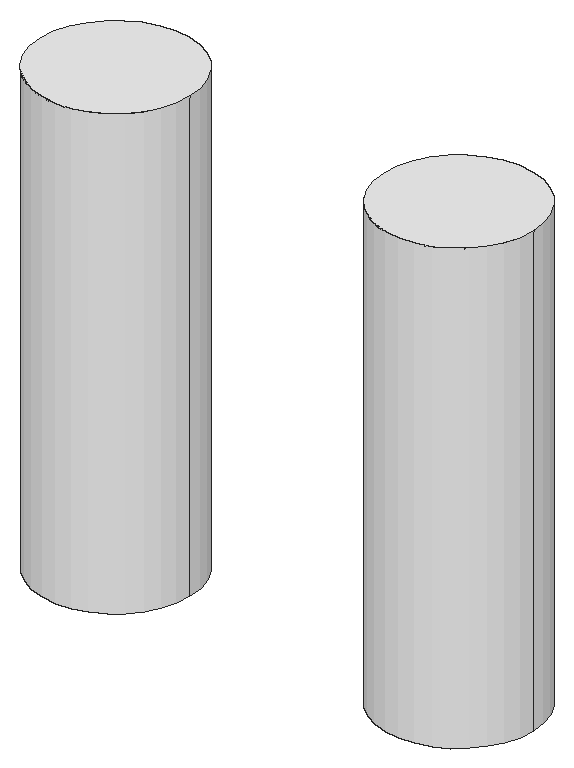
Revit family "52372263(2022)", category Plumbing Fixtures, Revit 2020
Family settings
  Round Connector Dimension = Use Diameter
  Part Type = Normal
  OmniClass Number = 23.45.55.00
  OmniClass Title = Sanitary Faucets, Wastes
  Work Plane-Based = No
  Always vertical = Yes
  Cut with Voids When Loaded = No
  Shared = No
  Room Calculation Point = No
Parameters (values of type "52372263 Washbasin faucet ")
  Working Pressure = "50 - 1000 kPa"
  WarrantyStartDate [instance] = "n/a"
  WarrantyGuarantorParts = "n/a"
  WarrantyGuarantorLabor = "n/a"
  WarrantyDurationUnit = "Year"
  WarrantyDurationParts = "n/a"
  WarrantyDurationLabor = "n/a"
  WarrantyDescription = "http://warranty.hansa.com"
  Warranty Information URL = "http://warranty.hansa.com"
  VersionDate = "01/06/2023"
  Version = "1"
  ValvePattern = "n/a"
  ValveOperation = "n/a"
  ValveMechanism = "n/a"
  Uniclass2015Reference = "Pr_40_20_87_96"
  Uniclass2015Description = "Washbasin manual water supply sets"
  Uniclass2 = "Pr_40_30_96_96"
  URL UWL = "http://static.hansa.com/UWL/52372263"
  URL REACH = "http://static.hansa.com/doc/reach"
  URL Materials Declaration = "http://www.hansa.com/fileadmin/resources/166943_52372263_materialsdeclaration.pdf"
  URL Environmental Product Declaration EPD = "http://www.hansa.com/fileadmin/resources/184523_EPD_Washbasin faucet.pdf"
  URL EcoLabel Declaration = "http://static.hansa.com/doc/EcoLabel"
  URL EU Packaging Declaration = "http://static.hansa.com/doc/packaging"
  URL Declaration of SCIP = "http://static.hansa.com/doc/SCIP"
  URL Declaration of Conformity = "http://static.hansa.com/DoC/52372263"
  URL Declaration of Asbestos = "http://static.hansa.com/doc/asbestos"
  URL Declaration Of Performance (DOP) = "http://static.hansa.com/doc/DoP"
  URL = ""
  UNSPSC Class Number = "30181700 Faucets or taps"
  Type Comments = ""
  TestPressure = "n/a"
  Temperature Adjustments = "Limitation option for maximum temperature and flow-rate "
  Technical DataSheet URL = "http://www.hansa.com/datasheet/52372263/en"
  TagNumber [instance] = "n/a"
  SustainabilityPerformance = "n/a"
  Surface treatment = "Chrome"
  Spout Type = "Fixed spout"
  Spout Projection = "114 mm"
  Spare-Part Information URL = "http://static.hansa.com/sp/52372263"
  Size = "50x170x200 mm"
  Shape = "Sculptured"
  SerialNumber [instance] = "n/a"
  Sales Package dimensions (LxWxH) = "380 x 180 x 74"
  Revision = "n/a"
  ReplacementCost = "n/a"
  ProductInformation = "n/a"
  Product URL = "http://static.hansa.com/52372263"
  Product Image URL = "http://static.hansa.com/image/52372263"
  Product Family = "HANSAVANTIS XL"
  Product Code = "52372263"
  OperatingMechanismMaterial = "n/a"
  NominalWidth = 46.499 mm
  NominalHeight = 186 mm
  NominalDepth = 148.456 mm
  Name_en = "52372263 Washbasin faucet"
  Name = "52372263 Washbasin faucet"
  NBSReference = "45-35-70/371"
  NBSDescription = "Water supply fittings for wash basins and troughs"
  Mounting Holes = "1 hole"
  ModelReference = "52372263"
  ModelNumber = "n/a"
  Model = "52372263 Washbasin faucet"
  Mobile Product Information URL = "http://mpi.hansa.com/52372263"
  Mechanical Parts = "30Cartridge"
  Max. Hot Water Supply = 70 °C
  Material = "Brass"
  Market = "International;Germany;Austria;Belgium;Netherlands;Czech Republic;Slovakia;Italy"
  ManufacturerURL = "http://www.hansa.com"
  ManufacturerName = "HANSA"
  Manufacturer = "HANSA"
  Lever Handle = "Single operating lever/handle;Hot/Cold symbols"
  Keynote = ""
  Interactive AR View URL = "https://static.hansa.com/AR/52372263"
  InstallationDate [instance] = "n/a"
  Installation and Maintenance Guide URL = "http://static.hansa.com/manual/52372263"
  Installation Type = "Deck mounted"
  InletConnectionSize = 10 mm
  IfcExportType = "FAUCET"  # constant formula
  IfcExportAs = "IfcValveType"  # constant formula
  Group = "Washbasin faucet"
  Grade = "n/a"
  FlowCoefficient = 0
  Flow Rate At 300kPa With Flow Controller = 0.01 L/s
  Flow Drawing URL = "http://static.hansa.com/flowchart/52372263"
  Finish = "Polished"
  Features = "Single-lever"
  FaucetMainMaterial = Brass
  FDV Document URL = "http://www.hansa.com/datasheet/52372263/en/fdv"
  ExpectedLife = "n/a"
  Excluded Items = "Without pop-up waste"
  ETIM Class Number = "EC011328 Washbasin mixing tap"
  EN Standard = "EN 817"
  EAN Number = "4057304017131"
  DurationUnit = "Year"
  Dimension Drawing URL = "http://static.hansa.com/dimdrw/52372263"
  Description = ""
  DefaultElevation [instance] = 900 mm
  Default Elevation = 0 mm
  Constituents = "n/a"
  Connection Size = "G3/8"
  Connection = "Flexible inlet pipes"
  Color = "Chrome"
  CodePerformance = "n/a"
  CloseOffRating = 0
  Category = "Washbasin"
  Catalog Drawing URL = "http://static.hansa.com/catdrw/52372263"
  CO2 Emissions (D) = -5.72
  CO2 Emissions (C4) = 0.06
  CO2 Emissions (C3) = 0.02
  CO2 Emissions (C2) = 0.01
  CO2 Emissions (B7) = 1854
  CO2 Emissions (A4) = 0.22
  CO2 Emissions (A1-A3) = 8.04
  Brand = "HANSA"
  BodyMaterial = "Brass"
  Barcode [instance] = "n/a"
  Backflow Prevention EN1717 = "AA"
  BIMObjectName = "52372263(2022)"
  Author = "BIMStone"
  AssetType = "Fixed"
  AssetIdentifier [instance] = "n/a"
  Aerator = "PCA® - constant flow rate regardless of pressure variations"
  Advanced Features = "Inner body made of DZR brass;3S-installation system for safe and simple mounting"
  AccessibilityPerformance = "n/a"
  3D View = "https://static.hansa.com/AR/52372263"
  2D/3D/BIM Files URL = "http://static.hansa.com/bim/52372263"
Reference planes
  plane 1 "Center (Front/Back)": y = 0
  plane 2: z = 0
  plane 3 "Center (Left/Right)": x = 0
  plane 4: x = -23.249
  plane 5: z = 900
  plane 6: z = 870
  plane 7: y = -148.456
  plane 8: x = 23.249
  plane 9: z = 1086
Forms (mm)
  Extrusion 1, solid, material "Brass" <- "FaucetMainMaterial"
    sketch origin (0, -0.77, 0) x (1, 0, 0) y (0, 1, 0)
      loop
        circle (-11.5, -22.5) r 5
      loop
        circle (11.5, -22.5) r 5
    from 870 to 900
Dimensions and locks
  "DefaultElevation": plane 5 to level
  locked: plane 5 to plane 6 at 30
  "NominalDepth": plane 7 to plane 1 "Center (Front/Back)"
  equal spacing: plane 4, plane 3 "Center (Left/Right)", plane 8
  "NominalHeight": plane 9 to plane 5
  "NominalWidth": plane 4 to plane 8
  "InletConnectionSize": diameter of Extrusion 1 sketch curve  (x2)
  aligned and locked: level to plane 2
  aligned and locked: plane 5 to Extrusion 1
  aligned and locked: Extrusion 1 to plane 6
  aligned and locked: plane 1 "Center (Front/Back)" to nested 2
  aligned and locked: plane 3 "Center (Left/Right)" to nested 1
  aligned and locked: plane 1 "Center (Front/Back)" to nested 1
  aligned and locked: plane 9 to nested 2
Automatic sketch dimensions
  Extrusion 1 sketch curve to plane 3 "Center (Left/Right)" = 11.5 mm
  plane 3 "Center (Left/Right)" to Extrusion 1 sketch curve = 11.5 mm
  plane 1 "Center (Front/Back)" to Extrusion 1 sketch curve = 23.27 mm  (x2)
Nested families
  nested 1: "Symbol" at (0, 0, 0), type "Symbol", detail levels coarse
  nested 2: "52372263(2022).p" at (0, 0, 900), main material <- "FaucetMainMaterial", type "52372263(2022)Body"
    with main material Brass
Connectors
  piping at (-11.5, -23.27, 870), diameter 10, driven by "InletConnectionSize"
    settings: on Extrusion 1, index 1, connector inside diameter 609.6 mm, connector length 0 mm, flow factor 0, pipe flow 0.2 L/s, pressure drop 0.0 Pa, fitting loss kfactor 0, connector angle 0.00°, fixture units 0, engagement length 0 mm, angle of deflection 0.00°, flow configuration 1, flow direction 1, fitting loss method 0, system type 19, joint type 0, gender type 0, connector reference index -1, connector utility 0, adjustable connector no, is connector primary yes, connector description ""
  piping at (11.5, -23.27, 870), diameter 10, driven by "InletConnectionSize"
    settings: on Extrusion 1, index 2, connector inside diameter 609.6 mm, connector length 0 mm, flow factor 0, pipe flow 0.2 L/s, pressure drop 0.0 Pa, fitting loss kfactor 0, connector angle 0.00°, fixture units 0, engagement length 0 mm, angle of deflection 0.00°, flow configuration 1, flow direction 1, fitting loss method 0, system type 20, joint type 0, gender type 0, connector reference index -1, connector utility 0, adjustable connector no, is connector primary no, connector description ""
Definition of nested family "Symbol"
  Reference planes
    plane 1: y = 0
    plane 2: x = 0
  Lines and regions (mm)
    detail lines
      curve 1: line (0, 0, 0) -> (0, -1.8, 0)
      curve 2: line (-0.4, -1.1, 0) -> (0.4, -1.1, 0)
      curve 3: line (-0.4, -1.4, 0) -> (0.4, -1.4, 0)
      curve 4: line (0.863, 0, 0) -> (-0.863, 0, 0)
      curve 5: circle (-1.163, 0, 0) r 0.3 normal (0, 0, -1)
      curve 6: circle (1.163, 0, 0) r 0.3 normal (0, 0, 1)
Definition of nested family "52372263(2022).p"
  Parameters (values of type "52372263(2022).p")
    main material [instance] = none
    Default Elevation = 0 mm
  Types (2): name
    52372263(2022).p
    52372267(2022)Body
  Reference planes
    plane 1 "Center (Front/Back)": y = 0
    plane 2: z = 0
    plane 3 "Center (Left/Right)": x = 0
    plane 4: z = 186
    plane 5: y = -148.37
    plane 6: x = 23.25
    plane 7: x = -23.25
  Forms (mm)
    Revolve 1, solid, material <- "main material", detail levels medium
      sketch origin (0, 0, 0) x (0, 1, 0) y (0, 0, 1)
        loop
          line (0, 0) -> (0, 186) -> (-23.281, 186) -> (-23.281, 0) -> (0, 0)
        axis (-23.281, 186) -> (-23.281, 0)
      angle from 0 to 360
    Revolve 2, solid, material <- "main material", detail levels medium
      sketch origin (0, 0, 0) x (0, 1, 0) y (0, 0, 1)
        loop
          line (-148.093, 112.915) -> (-148.093, 95.346) -> (-41.967, 123.783) -> (-41.967, 143.346) -> (-148.093, 112.915)
        axis (-148.093, 95.346) -> (-37.077, 125.093)
      angle from 0 to 360
    Extrusion 3, solid, material <- "main material", detail levels medium
      sketch origin (0, 0, 0) x (0, 1, 0) y (0, 0, 1)
        loop
          line (-31.562, 186) -> (-116.562, 186) -> (-116.562, 179.8) -> (-31.562, 179.8) -> (-31.562, 186)
      from -17.354 to 17.354
    Extrusion 4, solid, material <- "main material", detail levels coarse
      sketch origin (0, 0, 0) x (1, 0, 0) y (0, 1, 0)
        loop
          line (23.25, 0) -> (-23.25, 0) -> (-23.25, -148.37) -> (23.25, -148.37) -> (23.25, 0)
      from 0 to 186
  Lines and regions (mm)
    symbolic lines, detail levels fine
      curve 1: line (-12.377, -100.289, 0) -> (-15.512, -70.459, 0)
      curve 2: line (12.377, -100.289, 0) -> (15.512, -70.459, 0)
      curve 3: arc (-20.421, -23.748, 0) -> (0, -1.067, 0) -> (20.421, -23.748, 0) r 20.534
      curve 4: arc (12.377, -100.289, 0) -> (0, -111.433, 0) -> (-12.377, -100.289, 0) r 12.445
      curve 9: line (-19.077, -36.54, 0) -> (-20.421, -23.748, 0)
      curve 10: line (19.077, -36.54, 0) -> (20.421, -23.748, 0)
      curve 18: line (0, 0, 179.8) -> (-12.283, 0, 179.8)
      curve 19: arc (-12.283, 0, 179.8) -> (-15.417, 0, 181.244) -> (-16.358, 0, 184.564) r 4.125
      curve 20: line (-16.358, 0, 184.564) -> (-16.358, 0, 186)
      curve 21: arc (0, 0, 166.833) -> (-4.295, 0, 162.538) -> (0, 0, 158.243) r 4.295
      curve 22: line (0, 0, 149.003) -> (-21.833, 0, 149.003)
      curve 28: line (-16.216, 0, 122.115) -> (-15.368, 0, 101.603)
      curve 29: arc (-15.368, 0, 101.603) -> (-14.417, 0, 97.399) -> (-12.039, 0, 93.804) r 11.97
      curve 30: line (-12.039, 0, 93.804) -> (-12.039, 0, 100.759)
      curve 31: arc (-10.266, 0, 90.441) -> (-11.569, 0, 91.903) -> (-12.039, 0, 93.804) r 4.076
      curve 32: arc (0, 0, 87.378) -> (-5.373, 0, 88.106) -> (-10.266, 0, 90.441) r 17.524
      curve 33: arc (-12.039, 0, 93.804) -> (-11.283, 0, 96.456) -> (-9.242, 0, 98.312) r 5.032
      curve 34: arc (-9.242, 0, 98.312) -> (-4.742, 0, 99.829) -> (0, 0, 100.087) r 17.608
      curve 35: arc (-12.039, 0, 100.759) -> (-11.297, 0, 104.279) -> (-9.197, 0, 107.199) r 8.718
      curve 36: arc (-9.197, 0, 107.199) -> (-4.932, 0, 109.872) -> (0, 0, 110.873) r 14.075
      curve 37: line (-21.579, 0, 151) -> (0, 0, 151)
      curve 45: line (0, 0, 179.8) -> (12.283, 0, 179.8)
      curve 46: arc (12.283, 0, 179.8) -> (15.417, 0, 181.244) -> (16.358, 0, 184.564) r 4.125
      curve 47: line (16.358, 0, 184.564) -> (16.358, 0, 186)
      curve 48: arc (0, 0, 166.833) -> (4.295, 0, 162.538) -> (0, 0, 158.243) r 4.295
      curve 49: line (0, 0, 149.003) -> (21.823, 0, 149.003)
      curve 54: line (16.216, 0, 122.115) -> (15.368, 0, 101.603)
      curve 55: arc (15.368, 0, 101.603) -> (14.417, 0, 97.399) -> (12.039, 0, 93.804) r 11.97
      curve 56: line (12.039, 0, 93.804) -> (12.039, 0, 100.759)
      curve 57: arc (10.266, 0, 90.441) -> (11.569, 0, 91.903) -> (12.039, 0, 93.804) r 4.076
      curve 58: arc (0, 0, 87.378) -> (5.373, 0, 88.106) -> (10.266, 0, 90.441) r 17.524
      curve 59: arc (12.039, 0, 93.804) -> (11.283, 0, 96.456) -> (9.242, 0, 98.312) r 5.032
      curve 60: arc (9.242, 0, 98.312) -> (4.742, 0, 99.829) -> (0, 0, 100.087) r 17.608
      curve 61: arc (12.039, 0, 100.759) -> (11.297, 0, 104.279) -> (9.197, 0, 107.199) r 8.718
      curve 62: arc (9.197, 0, 107.199) -> (4.932, 0, 109.872) -> (0, 0, 110.873) r 14.075
      curve 63: line (21.579, 0, 151) -> (0, 0, 151)
      curve 83: line (0, -124.469, 91.424) -> (0, -142.944, 106.926)
      curve 93: arc (0, -36.493, 149) -> (0, -35.637, 119.322) -> (0, -46.493, 91.688) r 74.142
      curve 95: arc (0, -21.684, 151.512) -> (0, -23.295, 151.132) -> (0, -24.947, 151.022) r 10.041
      curve 96: line (0, -24.947, 151.022) -> (0, -44.824, 151.022)
      curve 106: line (0, -28.785, 175.539) -> (0, -28.785, 186)
      curve 107: line (0, -28.785, 175.539) -> (0, -46.537, 172.373)
      curve 110: line (0, -4.436, 157.116) -> (0, -21.684, 151.512)
      curve 114: line (0, -45.047, 149) -> (0, -36.493, 149)
      curve 117: line (0, -36.493, 149) -> (0, -1.473, 149)
    symbolic lines, detail levels medium+fine
      curve 5: line (-15, -133.492, 0) -> (-15.512, -70.459, 0)
      curve 6: line (15, -133.492, 0) -> (15.512, -70.459, 0)
      curve 7: arc (-15, -133.492, 0) -> (0, -148.37, 0) -> (15, -133.492, 0) r 15
      curve 8: arc (19.077, -36.54, 0) -> (0, 0, 0) -> (-19.077, -36.54, 0) r 23.25
      curve 11: line (15.512, -70.459, 0) -> (19.077, -36.54, 0)
      curve 12: line (-15.512, -70.459, 0) -> (-19.077, -36.54, 0)
      curve 13: line (0, 0, 186) -> (-16.358, 0, 186)
      curve 14: arc (-18.946, 0, 186) -> (-19.624, 0, 185.719) -> (-19.904, 0, 185.042) r 0.958
      curve 15: line (-19.904, 0, 185.042) -> (-23.25, 0, 151.508)
      curve 16: arc (-23.25, 0, 151.508) -> (-23.121, 0, 151.138) -> (-22.754, 0, 151) r 0.463
      curve 17: line (-22.754, 0, 151) -> (-21.579, 0, 151)
      curve 23: arc (-22.596, 0, 149.003) -> (-23.038, 0, 148.832) -> (-23.25, 0, 148.409) r 0.657
      curve 24: arc (-21.579, 0, 151) -> (-21.802, 0, 150.12) -> (-21.996, 0, 149.233) r 28.12
      curve 25: arc (-21.996, 0, 149.233) -> (-21.965, 0, 149.083) -> (-21.833, 0, 149.003) r 0.194
      curve 26: line (-23.25, 0, 148.409) -> (-23.25, 0, 0)
      curve 27: line (-23.25, 0, 0) -> (0, 0, 0)
      curve 38: line (-21.833, 0, 149.003) -> (-22.596, 0, 149.003)
      curve 39: line (-16.358, 0, 186) -> (-18.946, 0, 186)
      curve 40: line (0, 0, 186) -> (16.358, 0, 186)
      curve 41: arc (18.946, 0, 186) -> (19.624, 0, 185.719) -> (19.904, 0, 185.042) r 0.958
      curve 42: line (19.904, 0, 185.042) -> (23.25, 0, 151.508)
      curve 43: arc (23.25, 0, 151.508) -> (23.121, 0, 151.138) -> (22.754, 0, 151) r 0.463
      curve 44: line (22.754, 0, 151) -> (21.579, 0, 151)
      curve 50: arc (22.596, 0, 149.003) -> (23.038, 0, 148.832) -> (23.25, 0, 148.409) r 0.657
      curve 51: arc (21.579, 0, 151) -> (21.802, 0, 150.12) -> (21.996, 0, 149.233) r 28.12
      curve 52: line (23.25, 0, 148.409) -> (23.25, 0, 0)
      curve 53: line (23.25, 0, 0) -> (0, 0, 0)
      curve 64: line (16.358, 0, 186) -> (18.946, 0, 186)
      curve 65: arc (21.996, 0, 149.233) -> (21.962, 0, 149.079) -> (21.823, 0, 149.003) r 0.193
      curve 66: line (21.823, 0, 149.003) -> (22.596, 0, 149.003)
      curve 68: line (0, 0, 0) -> (0, -46.493, 0)
      curve 69: line (0, -46.493, 0) -> (0, -46.493, 91.688)
      curve 70: arc (0, -46.493, 91.688) -> (0, -46.819, 94.895) -> (0, -47.781, 97.972) r 15.977
      curve 71: arc (0, -47.781, 97.972) -> (0, -51.374, 102.147) -> (0, -56.714, 103.497) r 9.133
      curve 72: arc (0, -56.714, 103.497) -> (0, -59.466, 103.188) -> (0, -62.17, 102.588) r 26.019
      curve 73: line (0, -62.17, 102.588) -> (0, -118.827, 89.11)
      curve 74: arc (0, -118.827, 89.11) -> (0, -120.916, 89.1) -> (0, -122.795, 90.015) r 4.605
      curve 75: line (0, -122.795, 90.015) -> (0, -124.469, 91.424)
      curve 76: line (0, -124.469, 91.424) -> (0, -125.412, 89.999)
      curve 77: line (0, -125.412, 89.999) -> (0, -126.246, 90.551)
      curve 78: line (0, -126.246, 90.551) -> (0, -128.477, 87.242)
      curve 79: line (0, -128.477, 87.242) -> (0, -146.716, 99.544)
      curve 80: line (0, -144.48, 102.861) -> (0, -146.716, 99.544)
      curve 81: line (0, -144.48, 102.861) -> (0, -145.309, 103.42)
      curve 82: line (0, -145.309, 103.42) -> (0, -142.944, 106.926)
      curve 84: line (0, -142.944, 106.926) -> (0, -147.885, 111.072)
      curve 85: arc (0, -147.885, 111.072) -> (0, -148.262, 111.58) -> (0, -148.37, 112.203) r 1.365
      curve 86: arc (0, -148.37, 112.203) -> (0, -147.995, 113.132) -> (0, -147.139, 113.653) r 1.59
      curve 87: line (0, -147.139, 113.653) -> (0, -56.5, 137.939)
      curve 88: arc (0, -56.5, 137.939) -> (0, -50.047, 141.825) -> (0, -46.646, 148.546) r 13.62
      curve 89: arc (0, -46.646, 148.546) -> (0, -46.46, 148.867) -> (0, -46.113, 149) r 0.559
      curve 90: line (0, -46.113, 149) -> (0, -45.047, 149)
      curve 91: arc (0, -0.527, 149) -> (0, -0.166, 148.857) -> (0, 0, 148.505) r 0.528
      curve 92: line (0, 0, 148.505) -> (0, 0, 0)
      curve 94: line (0, -0.346, 158.445) -> (0, -4.436, 157.116)
      curve 97: arc (0, -46.121, 151.022) -> (0, -46.415, 151.144) -> (0, -46.537, 151.438) r 0.416
      curve 98: line (0, -46.537, 151.438) -> (0, -46.537, 172.373)
      curve 99: arc (0, -46.537, 172.373) -> (0, -48.298, 177.217) -> (0, -52.759, 179.8) r 7.544
      curve 100: line (0, -52.759, 179.8) -> (0, -111.425, 179.8)
      curve 101: arc (0, -111.425, 179.8) -> (0, -114.525, 182.9) -> (0, -111.425, 186) r 3.1
      curve 102: line (0, -111.425, 186) -> (0, -28.785, 186)
      curve 103: arc (0, -0.911, 186) -> (0, -0.243, 185.71) -> (0, 0, 185.024) r 0.913
      curve 104: line (0, 0, 185.024) -> (0, 0, 158.866)
      curve 105: arc (0, 0, 158.866) -> (0, -0.098, 158.593) -> (0, -0.346, 158.445) r 0.429
      curve 108: arc (0, -4.436, 157.116) -> (0, -2.477, 153.327) -> (0, -1.291, 149.229) r 21.862
      curve 109: arc (0, -1.291, 149.229) -> (0, -1.33, 149.073) -> (0, -1.473, 149) r 0.194
      curve 111: line (0, -1.473, 149) -> (0, -0.527, 149)
      curve 112: arc (0, -44.824, 151.022) -> (0, -45.078, 150.138) -> (0, -45.268, 149.239) r 12.839
      curve 113: arc (0, -45.268, 149.239) -> (0, -45.217, 149.065) -> (0, -45.047, 149) r 0.205
      curve 115: line (0, -44.824, 151.022) -> (0, -46.121, 151.022)
      curve 116: line (0, -28.785, 186) -> (0, -0.911, 186)
    symbolic lines
      curve 67: arc (16.216, 0, 122.115) -> (0, 0, 139.015) -> (-16.216, 0, 122.115) r 16.23
  Dimensions and locks
    aligned and locked: level to plane 2
